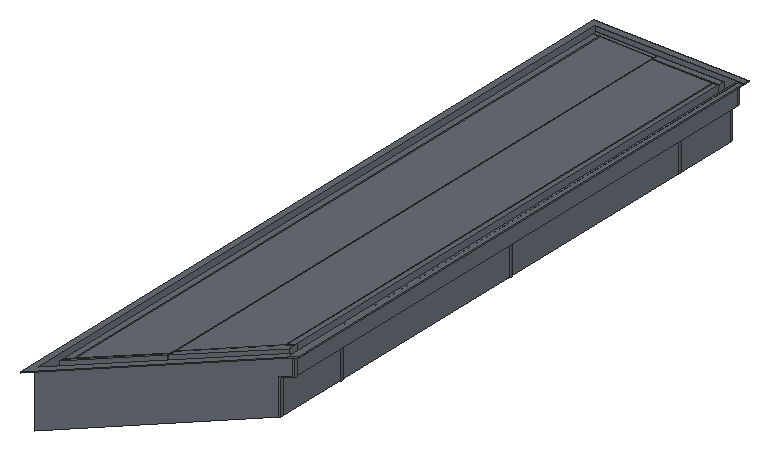
Revit family
Parameters (values of type "PL07 05 5/0")
  Width Side = 144 mm
  Width Inner Side Support = Actual Width 1 - 11 mm  # 133 mm
  Width Inner Side = Actual Width 1 - Frame Offset  # 120 mm
  Width Inner Main = Actual Width - Frame Offset + 37 mm  # 144 mm
  Width = 131 mm
  URL = "http://www.meinertz.com/pictures_org/prodk.pdf"
  Total Width = Actual Width + Actual Width 1  # 275 mm
  Total Length = Length + Total Width  # 1275 mm
  Thermal Performance Index = 5
  Thermal Performance Constant = if(Thermal Performance Index = 3, 145, if(Thermal Performance Index = 4, 191, if(Thermal Performance Index = 5, 231, if(Thermal Performance Index = 6, 262, if(Thermal Performance Index = 7, 287, if(Thermal Performance Index = 8, 317, if(Thermal Performance Index = 9, 339, if(Thermal Performance Index = 10, 359, if(Thermal Performance Index = 11, 382, if(Thermal Performance Index = 12, 404, if(Thermal Performance Index = 13, 424, 444)))))))))))  # 231
  Thermal Performance = Thermal Performance Constant * Total Length / 1000 mm  # 294.525
  Tapping Radius = 9.5 mm / 2  # 4.75 mm
  Side Support Distance = (Length - 2 * Frame Offset - 200 mm) / (Count Side Support - 1)  # 376 mm
  Side Grill Length = Actual Length - (2 * Frame Offset) - 22 mm  # 930 mm
  Model = "PL07 05 5/0"
  Manufacturer = "Meinertz"  # constant formula
  Main Hatch Width = Actual Width - 24 mm  # 107 mm
  Length = 1000 mm
  Keynote = "PL07 05 5/0"
  Grill = RAL 7025 F
  GoGetNo = 7019  # constant formula
  Frame Offset = 24 mm  # constant formula
  Frame = RAL 7024
  Count Side Support = (Actual Length - (2 * Frame Offset) - 200 mm) / 600 mm + 1.49  # 3
  Count Grill Side = ((Width Side - Frame Offset) / 24 mm)  # 5
  Count Grill Main = (Width - Frame Offset - 11 mm) / 24 mm + 1  # 5
  Count Convec Support = (Actual Length - (2 * Frame Offset) - 300 mm) / 2500 mm + 1.49  # 2
  Convection Grill Length = Actual Length - (2 * Frame Offset) - 11 mm  # 941 mm
  Actual Width 1 = (Count Grill Side * 24 mm) + Frame Offset  # 144 mm
  Actual Width = (Count Grill Main - 1) * 24 mm + Frame Offset + 11 mm  # 131 mm
  Actual Length = if(Length < 4 * Frame Offset, 4 * Frame Offset, if(Length > 6000 mm, 6000 mm, Length))  # 1000 mm
Types (6, lengths in mm): name | Width Side | Width Inner Side Support | Width Inner Side | Width Inner Main | Width | Total Width | Total Length | Thermal Performance Index | Thermal Performance Constant | Thermal Performance | Side Support Distance | Side Grill Length | Model | Main Hatch Width | Length | Keynote | Count Side Support | Count Grill Side | Count Grill Main | Convection Grill Length | Actual Width 1 | Actual Width | Actual Length
  (no name) | 144 | 133 | 120 | 144 | 131 | 275 | 1275 | 5 | 231 | 294.525 | 376 | 930 | "PL07 05 5/0" | 107 | 1000 | "PL07 05 5/0" | 3 | 5 | 5 | 941 | 144 | 131 | 1000
  PL07 03 5/0 | 144 | 133 | 120 | 96 | 83 | 227 | 827 | 3 | 145 | 119.915 | 352 | 530 | "PL07 03 5/0" | 59 | 600 | "PL07 03 5/0" | 2 | 5 | 3 | 541 | 144 | 83 | 600
  PL07 04 5/0 | 144 | 133 | 120 | 120 | 107 | 251 | 1251 | 4 | 191 | 238.941 | 376 | 930 | "PL07 04 5/0" | 83 | 1000 | "PL07 04 5/0" | 3 | 5 | 4 | 941 | 144 | 107 | 1000
  PL07 05 5/0 | 144 | 133 | 120 | 144 | 131 | 275 | 1275 | 5 | 231 | 294.525 | 376 | 930 | "PL07 05 5/0" | 107 | 1000 | "PL07 05 5/0" | 3 | 5 | 5 | 941 | 144 | 131 | 1000
  PL07 06 6/0 | 168 | 157 | 144 | 168 | 155 | 323 | 1323 | 6 | 262 | 346.626 | 376 | 930 | "PL07 06 6/0" | 131 | 1000 | "PL07 06 6/0" | 3 | 6 | 6 | 941 | 168 | 155 | 1000
  PL07 07 7/0 | 192 | 181 | 168 | 192 | 179 | 371 | 1371 | 7 | 287 | 393.477 | 376 | 930 | "PL07 07 7/0" | 155 | 1000 | "PL07 07 7/0" | 3 | 7 | 7 | 941 | 192 | 179 | 1000
Reference planes
  plane 1 "Center (Front/Back)": y = 0
  plane 2: z = 0
  plane 3 "Center (Left/Right)": x = 0
  plane 4: x = -65.5
  plane 5: x = 65.5
  plane 6: x = 209.5
  plane 7: x = 185.5
  plane 8: x = -41.5
  plane 9: x = 174.5
  plane 10: x = -30.5
  plane 11: y = 500
  plane 12: y = -500
  plane 13: y = -775
  plane 14: y = -709
  plane 15: y = -602
  plane 16: y = -594
  plane 17: y = -489
  plane 18: y = -476
  plane 19: y = -465
  plane 20: y = -376
  plane 21: y = -326
  plane 22: y = 489
  plane 23: y = 476
  plane 24: y = 470.5
  plane 25: y = 465
  plane 26: y = 376
  plane 27: y = 326
  plane 28: z = -100
  plane 29: z = -55
  plane 30: z = -20
  plane 31: z = -70
  plane 32: x = 35.5
  plane 33: x = -11.5
  plane 34: y = 226
  plane 35: y = 126
  plane 36: y = -366.778
  plane 37: y = -466.778
  plane 38: y = -716.778
  plane 39: y = -609.778
  plane 40: y = -352
  plane 41: y = -252
  plane 42: y = -524
  plane 43: x = -54.5
Forms (mm)
  Extrusion 1, solid, material "RAL 7025 F" <- "Grill"
    sketch origin (0, 0, 0) x (1, 0, 0) y (0, 1, 0)
      loop
        line (65.5, 465) -> (65.5, -594.222) -> (174.5, -485.222) -> (174.5, 465) -> (65.5, 465)
    from 0 to -20
  Extrusion 2, solid, material "RAL 7025 F" <- "Grill"
    sketch origin (0, 0, 0) x (1, 0, 0) y (0, 1, 0)
      loop
        line (-30.5, 470.5) -> (-30.5, -698) -> (65.5, -602) -> (65.5, 470.5) -> (-30.5, 470.5)
    from 0 to -70
  Extrusion 3, solid, material "RAL 7024" <- "Frame"
    sketch origin (0, 0, 0) x (1, 0, 0) y (0, 1, 0)
      loop
        line (174.5, 465) -> (174.5, -485.222) -> (185.5, -474.222) -> (185.5, 465) -> (174.5, 465)
    from 0 to -20
  Extrusion 4, solid, material "RAL 7024" <- "Frame"
    sketch origin (0, 0, 0) x (1, 0, 0) y (0, 1, 0)
      loop
        line (-41.5, 470.5) -> (-41.5, -709) -> (-30.5, -698) -> (-30.5, 470.5) -> (-41.5, 470.5)
    from 0 to -70
  Extrusion 5, solid, material "RAL 7024" <- "Frame"
    sketch origin (0, 0, 0) x (1, 0, 0) y (0, 1, 0)
      loop
        line (65.5, 476) -> (65.5, 465) -> (185.5, 465) -> (185.5, 476) -> (65.5, 476)
    from 0 to -20
  Extrusion 6, solid, material "RAL 7024" <- "Frame"
    sketch origin (0, 0, 0) x (1, 0, 0) y (0, 1, 0)
      loop
        line (185.5, -474.222) -> (65.5, -594.222) -> (65.5, -609.778) -> (185.5, -489.778) -> (185.5, -474.222)
    from 0 to -20
  Extrusion 7, solid, material "RAL 7024" <- "Frame"
    sketch origin (0, 0, 0) x (1, 0, 0) y (0, 1, 0)
      loop
        line (-41.5, -716.778) -> (65.5, -609.778) -> (65.5, -602) -> (-41.5, -709) -> (-41.5, -716.778)
    from 0 to -70
  Extrusion 8, solid, material "RAL 7024"
    sketch origin (0, 0, 0) x (0, 1, 0) y (0, 0, 1)
      loop
        line (476, 0) -> (470.5, 0) -> (470.5, -20) -> (465, -20) -> (465, -70) -> (476, -70) -> (476, 0)
    from 65.5 to -41.5
  Extrusion 9, solid, material "Tap"
    sketch origin (-30.5, 470.5, 0) x (1, 0, 0) y (0, 0, -1)
      loop
        circle (66, 55) r 4.8
    from 5.5 to 10.5
  Extrusion 10, solid, material "Tap"
    sketch origin (-30.5, 470.5, 0) x (1, 0, 0) y (0, 0, -1)
      loop
        circle (19, 55) r 4.8
    from 5.5 to 10.5
  Extrusion 11, solid, material "Tap"
    sketch origin (0, 0, 0) x (0, 1, 0) y (0, 0, 1)
      loop
        circle (226, -55) r 4.8
      loop
        circle (126, -55) r 4.8
      loop
        circle (-366.778, -55) r 4.8
      loop
        circle (-466.778, -55) r 4.8
    from -41.5 to -46.5
  Extrusion 12, solid, material "Tap"
    sketch origin (-41.5, -716.778, 0) x (0.707107, 0.707107, 0) y (0, 0, 1)
      loop
        circle (42.406, -55) r 4.8
    from 0 to 5
  Extrusion 13, solid, material "Tap"
    sketch origin (-41.5, -716.778, 0) x (0.707107, 0.707107, 0) y (0, 0, 1)
      loop
        circle (108.779, -55) r 4.8
    from 0 to 5
  Extrusion 14, solid, material "Tap"
    sketch origin (0, 0, 0) x (0, 1, 0) y (0, 0, 1)
      loop
        circle (-352, -55) r 4.8
      loop
        circle (-252, -55) r 4.8
      loop
        circle (126, -55) r 4.8
      loop
        circle (226, -55) r 4.8
    from 65.5 to 70.5
  Extrusion 15, solid, material "RAL 7024" <- "Frame"
    sketch origin (0, 0, 0) x (1, 0, 0) y (0, 0, 1)
      loop
        line (209.5, 0) -> (198.5, 0) -> (198.5, -36) -> (184.5, -36) -> (184.5, -100) -> (186.5, -100) -> (186.5, -38) -> (200.5, -38) -> (200.5, -2) -> (209.5, -2) -> (209.5, 0)
    from 524 to -489
  Sweep 16, solid, material "RAL 7024" <- "Frame"
    path origin (0, 0, 0) x (1, 0, 0) y (0, 1, 0)
      loop
        line (209.5, 500) -> (-65.5, 500) -> (-65.5, -774.719) -> (209.5, -499.719)
    profile origin (72, 500, 0) x (0, -1, 0) y (0, 0, 1)
      loop
        line (0, 0) -> (0, -2) -> (9, -2) -> (9, -100) -> (11, -100) -> (11, 0) -> (0, 0)
  Extrusion 17, solid, material "RAL 7024" <- "Frame"
    sketch origin (0, 0, 0) x (1, 0, 0) y (0, 1, 0)
      loop
        line (-54.5, 489) -> (-54.5, -748.163) -> (184.5, -509.163) -> (184.5, 489) -> (-54.5, 489)
    from -100 to -98
  Sweep 18, void
    path origin (0, 0, 0) x (1, 0, 0) y (0, 1, 0)
      loop
        line (-65.5, -774.719) -> (209.5, -499.719) -> (209.5, 500)
    profile origin (72, -637.219, 0) x (-0.707107, 0.707107, 0) y (0, 0, 1)
      loop
        line (9, -2) -> (0, -2) -> (0, -100) -> (9, -100) -> (9, -2)
  Extrusion 19, void
    sketch origin (0, 0, 0) x (1, 0, 0) y (0, 0, 1)
      loop
        line (209.5, -2) -> (200.5, -2) -> (200.5, -38) -> (186.5, -38) -> (186.5, -100) -> (209.5, -100) -> (209.5, -2)
    from -500 to 524
  Extrusion 20, void
    sketch origin (0, 0, 0) x (1, 0, 0) y (0, 1, 0)
      loop
        line (209.5, -499.719) -> (185.219, -524) -> (209.5, -524) -> (209.5, -499.719)
    from 0 to -100
Cuts and joins
  Sweep 18 cuts Extrusion 1
  Sweep 18 cuts Extrusion 2
  Sweep 18 cuts Extrusion 3
  Sweep 18 cuts Extrusion 4
  Sweep 18 cuts Extrusion 5
  Sweep 18 cuts Extrusion 6
  Sweep 18 cuts Extrusion 7
  Sweep 18 cuts Extrusion 8
  Sweep 18 cuts Extrusion 9
  Sweep 18 cuts Extrusion 10
  Sweep 18 cuts Extrusion 11
  Sweep 18 cuts Extrusion 12
  Sweep 18 cuts Extrusion 13
  Sweep 18 cuts Extrusion 14
  Sweep 18, Extrusion 19, Extrusion 20 cuts Extrusion 15
  Sweep 18, Extrusion 19, Extrusion 20 cuts Sweep 16
  Sweep 18 cuts Extrusion 17
Lines and regions (mm)
  Masking region 1
    outline origin (0, 0, 0) x (1, 0, 0) y (0, 1, 0)
      loop
        line (65.5, 465) -> (65.5, -594.222) -> (174.5, -485.222) -> (174.5, 465) -> (65.5, 465)
  Masking region 2
    outline origin (0, 0, 0) x (1, 0, 0) y (0, 1, 0)
      loop
        line (-30.5, 470.5) -> (-30.5, -698) -> (65.5, -602) -> (65.5, 470.5) -> (-30.5, 470.5)
  reference lines
    curve 1: line (-98.069, -765.569, 0) -> (218.632, -448.868, 0)
    curve 2: line (-101.958, -761.679, 0) -> (214.743, -444.979, 0)
    curve 3: line (-94.179, -769.458, 0) -> (222.521, -452.757, 0)
    curve 4: line (-77.209, -786.428, 0) -> (239.492, -469.728, 0)
Dimensions and locks
  equal spacing: plane 4, plane 3 "Center (Left/Right)", plane 5
  "Actual Width": plane 4 to plane 5
  "Actual Width 1": plane 5 to plane 6
  "Frame Offset": plane 7 to plane 6
  "Frame Offset": plane 4 to plane 8
  locked: plane 9 to plane 7 at 11
  locked: plane 8 to plane 10 at 11
  equal spacing: plane 12, plane 1 "Center (Front/Back)", plane 11
  "Length": plane 12 to plane 11
  "Total Width": plane 13 to plane 12
  locked: plane 13 to plane 14 at 66
  "Main Hatch Width": plane 14 to plane 15
  locked: plane 15 to plane 16 at 8
  locked: plane 12 to plane 17 at 11
  "Frame Offset": plane 12 to plane 18
  locked: plane 18 to plane 19 at 11
  locked: plane 18 to plane 20 at 100
  locked: plane 20 to plane 21 at 50
  locked: plane 22 to plane 11 at 11
  "Frame Offset": plane 23 to plane 11
  plane 25 to plane 24 to plane 23 = 5.5 mm locked, 5.5 mm locked
  locked: plane 26 to plane 23 at 100
  locked: plane 27 to plane 26 at 50
  locked: plane 2 to plane 28 at 100
  locked: plane 29 to plane 28 at 45
  equal spacing: group 1, group 2, group 5  (x2)
  equal spacing: group 5, group 2, group 1
  "Side Support Distance": nested 1 to nested 2
  group 3 to group 4 = 0 mm  (x2)
  group 4 to group 3 = 791 mm
  locked: plane 32 to plane 5 at 30
  locked: plane 33 to plane 8 at 30
  locked: plane 23 to plane 34 at 250
  locked: plane 34 to plane 35 at 100
  locked: plane 14 to plane 38 at 7.778
  locked: plane 37 to plane 38 at 250
  locked: plane 36 to plane 37 at 100
  locked: Extrusion 11 to plane 8 at 5
  locked: plane 39 to plane 15 at 7.778
  locked: plane 15 to plane 40 at 250
  locked: plane 40 to plane 41 at 100
  locked: plane 5 to Extrusion 14 at 5
  Extrusion 15 sketch curve to Extrusion 15 sketch curve to Extrusion 15 sketch curve to Extrusion 15 sketch curve to Extrusion 15 sketch curve = 2 mm locked, 34 mm locked, 2 mm locked, 62 mm locked
  Extrusion 15 sketch curve to Extrusion 15 sketch curve to Extrusion 15 sketch curve to Extrusion 15 sketch curve to Extrusion 15 sketch curve = 9 mm locked, 2 mm locked, 12 mm locked, 2 mm locked
  locked: plane 42 to plane 12 at 24
  locked: plane 4 to plane 43 at 11
  Sweep 16 sketch curve to Sweep 16 sketch curve to Extrusion 15 = 9 mm locked, 2 mm locked
  plane 2 to cut or joined group of Extrusion 15, Sweep 18, Extrusion 19, Extrusion 20 to cut or joined group of Extrusion 15, Sweep 18, Extrusion 19, Extrusion 20 to Extrusion 19 sketch curve = 2 mm locked, 36 mm locked, 62 mm locked
  cut or joined group of Extrusion 15, Sweep 18, Extrusion 19, Extrusion 20 to cut or joined group of Extrusion 15, Sweep 18, Extrusion 19, Extrusion 20 to Extrusion 19 sketch curve = 14 mm locked, 9 mm locked
  aligned and locked: level to plane 2
  aligned and locked: plane 25 to Extrusion 1 sketch curve
  aligned and locked: plane 9 to Extrusion 1 sketch curve
  aligned and locked: Extrusion 1 sketch curve to plane 5
  aligned and locked: Extrusion 1 sketch curve to curve 2
  aligned and locked: plane 24 to Extrusion 2 sketch curve
  aligned and locked: Extrusion 2 sketch curve to plane 10
  aligned and locked: plane 5 to Extrusion 2 sketch curve
  aligned and locked: Extrusion 2 sketch curve to curve 1
  aligned and locked: Extrusion 3 sketch curve to plane 9
  aligned and locked: plane 7 to Extrusion 3 sketch curve
  aligned and locked: plane 25 to Extrusion 3 sketch curve
  aligned and locked: Extrusion 3 sketch curve to curve 2
  aligned and locked: plane 24 to Extrusion 4 sketch curve
  aligned and locked: Extrusion 4 sketch curve to plane 8
  aligned and locked: plane 10 to Extrusion 4 sketch curve
  aligned and locked: Extrusion 4 sketch curve to curve 1
  aligned and locked: plane 23 to Extrusion 5 sketch curve
  aligned and locked: plane 7 to Extrusion 5 sketch curve
  aligned and locked: Extrusion 5 sketch curve to plane 25
  aligned and locked: Extrusion 5 sketch curve to plane 5
  aligned and locked: curve 2 to Extrusion 6 sketch curve
  aligned and locked: plane 7 to Extrusion 6 sketch curve
  aligned and locked: Extrusion 6 sketch curve to curve 3
  aligned and locked: Extrusion 6 sketch curve to plane 5
  aligned and locked: Extrusion 7 sketch curve to plane 5
  aligned and locked: curve 3 to Extrusion 7 sketch curve
  aligned and locked: Extrusion 7 sketch curve to plane 8
  aligned and locked: Extrusion 7 sketch curve to curve 1
  aligned and locked: plane 23 to Extrusion 8 sketch curve
  aligned and locked: Extrusion 8 sketch curve to plane 24
  aligned and locked: Extrusion 8 sketch curve to plane 25
  aligned and locked: Extrusion 8 sketch curve to plane 2
  aligned and locked: Extrusion 8 to plane 5
  aligned and locked: plane 8 to Extrusion 8
  aligned and locked: nested 1 to plane 26
  aligned and locked: plane 5 to nested 1
  aligned and locked: plane 30 to nested 1
  aligned and locked: plane 5 to nested 2
  aligned and locked: plane 30 to nested 2
  aligned and locked: plane 27 to nested 3
  aligned and locked: nested 3 to plane 10
  aligned and locked: nested 3 to plane 31
  aligned and locked: nested 4 to plane 10
  aligned and locked: plane 19 to nested 4
  aligned and locked: nested 4 to plane 31
  aligned and locked: Extrusion 10 to plane 23
  aligned and locked: Extrusion 9 to plane 23
  aligned and locked: Extrusion 11 to plane 8
  aligned and locked: curve 3 to Extrusion 13
  aligned and locked: curve 3 to Extrusion 12
  aligned and locked: Extrusion 14 to plane 5
  aligned and locked: Extrusion 15 to plane 22
  aligned and locked: plane 42 to Extrusion 15
  aligned and locked: Sweep 16 sketch curve to plane 11
  aligned and locked: Sweep 16 sketch curve to plane 4
  aligned and locked: curve 4 to Sweep 16 sketch curve
  aligned and locked: plane 28 to Sweep 16 sketch curve
  aligned and locked: plane 22 to Extrusion 17 sketch curve
  aligned and locked: plane 43 to Extrusion 17 sketch curve
  aligned and locked: Extrusion 17 sketch curve to Extrusion 15
  aligned and locked: Sweep 16 to Extrusion 17 sketch curve
  aligned and locked: Sweep 18 sketch curve to plane 6
  aligned and locked: curve 4 to Sweep 18 sketch curve
  aligned and locked: Sweep 18 sketch curve to profile plane
  aligned and locked: Extrusion 19 to plane 11
  aligned and locked: Extrusion 15 to Extrusion 19
  aligned and locked: Extrusion 20 sketch curve to plane 42
  aligned and locked: plane 6 to Extrusion 20 sketch curve
  aligned and locked: curve 4 to Extrusion 20 sketch curve
  aligned and locked: Masking region 1 sketch curve to plane 5
  aligned and locked: plane 25 to Masking region 1 sketch curve
  aligned and locked: plane 9 to Masking region 1 sketch curve
  aligned and locked: Masking region 1 sketch curve to curve 2
  aligned and locked: plane 24 to Masking region 2 sketch curve
  aligned and locked: plane 5 to Masking region 2 sketch curve
  aligned and locked: Masking region 2 sketch curve to curve 1
  aligned and locked: nested 5 to plane 5
  aligned and locked: nested 5 to plane 16
  aligned and locked: nested 5 to plane 25
  aligned and locked: nested 6 to plane 24
  aligned and locked: nested 6 to plane 14
  aligned and locked: nested 6 to plane 5
  aligned and locked: Masking region 2 sketch curve to plane 10
Automatic sketch dimensions
  curve 2 to plane 13 = 13.321 mm
  curve 2 to plane 4 = 36.458 mm
  curve 1 to plane 13 = 9.431 mm
  curve 2 to curve 1 = 3.889 mm  (x2)
  curve 3 to plane 13 = 5.542 mm
  curve 1 to curve 3 = 3.889 mm  (x2)
  curve 4 to plane 4 = 11.709 mm
  curve 2 to plane 6 = 5.243 mm
  plane 19 to curve 4 = 4.728 mm
  curve 3 to curve 4 = 16.971 mm
  plane 13 to curve 4 = 11.428 mm
  curve 3 to plane 19 = 12.243 mm
  curve 3 to curve 1 = 3.889 mm
  curve 1 to curve 2 = 3.889 mm
  Extrusion 8 sketch curve to level = 20 mm
  Extrusion 8 sketch curve to plane 29 = 15 mm
  Extrusion 9 sketch curve to Extrusion 2 = 30 mm
  Extrusion 2 to Extrusion 9 sketch curve = 15 mm
  Extrusion 10 sketch curve to Extrusion 2 = 19 mm
  Extrusion 2 to Extrusion 10 sketch curve = 15 mm
  Extrusion 11 sketch curve to plane 29 = 0 mm  (x4)
  Extrusion 11 sketch curve to plane 37 = 0 mm
  Extrusion 11 sketch curve to plane 36 = 0 mm
  Extrusion 11 sketch curve to plane 35 = 0 mm
  Extrusion 11 sketch curve to plane 34 = 0 mm
  Extrusion 7 to Extrusion 12 sketch curve = 15 mm
  Extrusion 7 to Extrusion 12 sketch curve = 42.406 mm
  Extrusion 7 to Extrusion 13 sketch curve = 15 mm
  Extrusion 7 to Extrusion 13 sketch curve = 42.542 mm
  Extrusion 14 sketch curve to plane 29 = 0 mm  (x4)
  Extrusion 14 sketch curve to plane 40 = 0 mm
  Extrusion 14 sketch curve to plane 41 = 0 mm
  Extrusion 14 sketch curve to plane 35 = 0 mm
  Extrusion 14 sketch curve to plane 34 = 0 mm
  Extrusion 15 sketch curve to plane 28 = 0 mm
  plane 6 to Extrusion 15 sketch curve = 0 mm
  Sweep 16 sketch curve to plane 6 = 0 mm  (x2)
  Sweep 16 sketch curve to level = 0 mm
  Sweep 16 sketch curve to Sweep 16 sketch curve = 2 mm  (x2)
  Sweep 18 sketch curve to plane 4 = 0 mm
  plane 11 to Sweep 18 sketch curve = 0 mm
  Sweep 18 sketch curve to Sweep 18 sketch curve = 9 mm
  Sweep 18 sketch curve to level = 100 mm
  Sweep 18 sketch curve to level = 2 mm
  Extrusion 19 sketch curve to level = 2 mm
  Extrusion 19 sketch curve to Extrusion 19 sketch curve = 9 mm
  Extrusion 19 sketch curve to plane 7 = 1 mm
  plane 29 to Extrusion 19 sketch curve = 17 mm
  radius of Extrusion 9 sketch curve = 4.8 mm
  radius of Extrusion 10 sketch curve = 4.8 mm
  radius of Extrusion 11 sketch curve = 4.8 mm  (x4)
  radius of Extrusion 12 sketch curve = 4.8 mm
  radius of Extrusion 13 sketch curve = 4.8 mm
  radius of Extrusion 14 sketch curve = 4.8 mm  (x4)
Nested families
  nested 1: "Support" at (118.079, 382.469, -36) x (0, 1, 0) z (0, 0, 1), type "Side Support"
    with Length 133 mm
  nested 2: "Support" at (118.079, 6.469, -36) x (0, 1, 0) z (0, 0, 1), type "Side Support"
    with Length 133 mm
  nested 3: "Support" at (43.421, 319.531, -72) x (0, -1, 0) z (0, 0, 1), type "Convec Support"
  nested 4: "Support" at (43.421, -471.469, -72) x (0, -1, 0) z (0, 0, 1), type "Convec Support"
  nested 5: "Grill 45" at (-21.701, -474, 0), type "Side"
    with Start 11 mm, Second 13 mm, Length 1059 mm, Big no
  nested 6: "Grill 45" at (-135.201, -602, 0), type "Main"
    with Start 11 mm, Second 13 mm, Length 1179.5 mm, Big no, Width 107 mm
  nested 7: "Support" at (118.079, -369.531, -36) x (0, 1, 0) z (0, 0, 1), type "Side Support"
    with Length 133 mm
Connectors
  piping at (-7.979, -690.328, -55), driven by "Tapping Radius"
    settings: on cut or joined group of Extrusion 12, Sweep 18, index 1, connector radius 4.75 mm, flow factor 0, pipe flow 0.0 L/s, pressure drop 0.00 Pa, fitting loss kfactor 0, connector angle 0.00°, fixture units 0, flow configuration 1, flow direction 1, fitting loss method 0, system type 22, connector reference index -1, connector utility 0, adjustable connector no, is connector primary yes, fitting loss table "", connector description ""
  piping at (38.954, -643.396, -55), driven by "Tapping Radius"
    settings: on cut or joined group of Extrusion 13, Sweep 18, index 2, connector radius 4.75 mm, flow factor 0, pipe flow 0.0 L/s, pressure drop 0.00 Pa, fitting loss kfactor 0, connector angle 0.00°, fixture units 0, flow configuration 1, flow direction 2, fitting loss method 0, system type 22, connector reference index -1, connector utility 0, adjustable connector no, is connector primary no, fitting loss table "", connector description ""
  piping at (70.5, -352, -55), driven by "Tapping Radius"
    settings: on cut or joined group of Extrusion 14, Sweep 18, index 3, connector radius 4.75 mm, flow factor 0, pipe flow 0.0 L/s, pressure drop 0.00 Pa, fitting loss kfactor 0, connector angle 0.00°, fixture units 0, flow configuration 1, flow direction 1, fitting loss method 0, system type 22, connector reference index -1, connector utility 0, adjustable connector no, is connector primary no, fitting loss table "", connector description ""
  piping at (70.5, -252, -55), driven by "Tapping Radius"
    settings: on cut or joined group of Extrusion 14, Sweep 18, index 4, connector radius 4.75 mm, flow factor 0, pipe flow 0.0 L/s, pressure drop 0.00 Pa, fitting loss kfactor 0, connector angle 0.00°, fixture units 0, flow configuration 1, flow direction 2, fitting loss method 0, system type 22, connector reference index -1, connector utility 0, adjustable connector no, is connector primary no, fitting loss table "", connector description ""
  piping at (70.5, 126, -55), driven by "Tapping Radius"
    settings: on cut or joined group of Extrusion 14, Sweep 18, index 5, connector radius 4.75 mm, flow factor 0, pipe flow 0.0 L/s, pressure drop 0.00 Pa, fitting loss kfactor 0, connector angle 0.00°, fixture units 0, flow configuration 1, flow direction 1, fitting loss method 0, system type 22, connector reference index -1, connector utility 0, adjustable connector no, is connector primary no, fitting loss table "", connector description ""
  piping at (70.5, 226, -55), driven by "Tapping Radius"
    settings: on cut or joined group of Extrusion 14, Sweep 18, index 6, connector radius 4.75 mm, flow factor 0, pipe flow 0.0 L/s, pressure drop 0.00 Pa, fitting loss kfactor 0, connector angle 0.00°, fixture units 0, flow configuration 1, flow direction 2, fitting loss method 0, system type 22, connector reference index -1, connector utility 0, adjustable connector no, is connector primary no, fitting loss table "", connector description ""
  piping at (-46.5, 226, -55), driven by "Tapping Radius"
    settings: on cut or joined group of Extrusion 11, Sweep 18, index 7, connector radius 4.75 mm, flow factor 0, pipe flow 0.0 L/s, pressure drop 0.00 Pa, fitting loss kfactor 0, connector angle 0.00°, fixture units 0, flow configuration 1, flow direction 1, fitting loss method 0, system type 22, connector reference index -1, connector utility 0, adjustable connector no, is connector primary no, fitting loss table "", connector description ""
  piping at (-46.5, 126, -55), driven by "Tapping Radius"
    settings: on cut or joined group of Extrusion 11, Sweep 18, index 8, connector radius 4.75 mm, flow factor 0, pipe flow 0.0 L/s, pressure drop 0.00 Pa, fitting loss kfactor 0, connector angle 0.00°, fixture units 0, flow configuration 1, flow direction 2, fitting loss method 0, system type 22, connector reference index -1, connector utility 0, adjustable connector no, is connector primary no, fitting loss table "", connector description ""
  piping at (-46.5, -366.778, -55), driven by "Tapping Radius"
    settings: on cut or joined group of Extrusion 11, Sweep 18, index 9, connector radius 4.75 mm, flow factor 0, pipe flow 0.0 L/s, pressure drop 0.00 Pa, fitting loss kfactor 0, connector angle 0.00°, fixture units 0, flow configuration 1, flow direction 1, fitting loss method 0, system type 22, connector reference index -1, connector utility 0, adjustable connector no, is connector primary no, fitting loss table "", connector description ""
  piping at (-46.5, -466.778, -55), driven by "Tapping Radius"
    settings: on cut or joined group of Extrusion 11, Sweep 18, index 10, connector radius 4.75 mm, flow factor 0, pipe flow 0.0 L/s, pressure drop 0.00 Pa, fitting loss kfactor 0, connector angle 0.00°, fixture units 0, flow configuration 1, flow direction 2, fitting loss method 0, system type 22, connector reference index -1, connector utility 0, adjustable connector no, is connector primary no, fitting loss table "", connector description ""
  piping at (35.5, 481, -55), driven by "Tapping Radius"
    settings: on cut or joined group of Extrusion 9, Sweep 18, index 11, connector radius 4.75 mm, flow factor 0, pipe flow 0.0 L/s, pressure drop 0.00 Pa, fitting loss kfactor 0, connector angle 0.00°, fixture units 0, flow configuration 1, flow direction 1, fitting loss method 0, system type 22, connector reference index -1, connector utility 0, adjustable connector no, is connector primary no, fitting loss table "", connector description ""
  piping at (-11.5, 481, -55), driven by "Tapping Radius"
    settings: on cut or joined group of Extrusion 10, Sweep 18, index 12, connector radius 4.75 mm, flow factor 0, pipe flow 0.0 L/s, pressure drop 0.00 Pa, fitting loss kfactor 0, connector angle 0.00°, fixture units 0, flow configuration 1, flow direction 2, fitting loss method 0, system type 22, connector reference index -1, connector utility 0, adjustable connector no, is connector primary no, fitting loss table "", connector description ""
Definition of nested family "Support"
  Parameters (values of type "Side Support")
    offset top = 17.5 mm
    Width = 16 mm
    Side 2 = yes
    Side 1 = no
    Length = 120 mm
    Height = 16 mm
    Frame = RAL 7024
    Footing rad = 6.5 mm
    Footing Height = 64 mm
    Assembly Code = ""
  Types (4, lengths in mm): name | Width | Side 2 | Side 1 | Length | Height | Footing Height
    Side Support | 16 | yes | no | 120 | 16 | 64
    Convec Support | 20 | yes | yes | 120 | 2 | 28
    Side Right Support | 16 | yes | no | 120 | 16 | 64
    Side Left Support | 16 | no | yes | 72 | 16 | 64
  Reference planes
    plane 1 "Center (Front/Back)": y = -13.921
    plane 2: z = 0
    plane 3 "Center (Left/Right)": x = -6.469
    plane 4: z = 16
    plane 5: x = 1.531
    plane 6: x = -14.469
    plane 7: y = 46.079
    plane 8: y = -73.921
    plane 9: y = 28.579
    plane 10: y = -56.421
    plane 11: z = -64
  Forms (mm)
    Extrusion 1, solid, material "RAL 7024" <- "Frame"
      sketch origin (0, -13.921, 0) x (1, 0, 0) y (0, 0, 1)
        loop
          line (-14.469, 16) -> (-14.469, 0) -> (1.531, 0) -> (1.531, 16) -> (-14.469, 16)
      from -60 to 60
    Extrusion 2, solid, material "RAL 7024" <- "Frame", visible <- "Side 1"
      sketch origin (0, 0, 0) x (1, 0, 0) y (0, 1, 0)
        loop
          circle (-6.469, 28.579) r 6.5
      from -64 to 0
    Extrusion 3, solid, material "RAL 7024" <- "Frame", visible <- "Side 2"
      sketch origin (0, 0, 0) x (1, 0, 0) y (0, 1, 0)
        loop
          circle (-6.469, -56.421) r 6.5
      from -64 to 0
  Dimensions and locks
    equal spacing: plane 6, plane 3 "Center (Left/Right)", plane 5
    equal spacing: plane 7, plane 1 "Center (Front/Back)", plane 8
    "Length": plane 7 to plane 8
    "Width": plane 6 to plane 5
    "Height": plane 4 to plane 2
    "offset top": plane 7 to plane 9
    "offset top": plane 10 to plane 8
    "Footing Height": plane 2 to plane 11
    "Footing rad": Extrusion 2 sketch curve to plane 3 "Center (Left/Right)"
    "Footing rad": plane 9 to Extrusion 2 sketch curve
    locked: plane 10 to Extrusion 3 sketch curve at 6.5
    locked: plane 3 "Center (Left/Right)" to Extrusion 3 sketch curve at 6.5
    "Footing rad": radius of Extrusion 2 sketch curve
    "Footing rad": radius of Extrusion 3 sketch curve
    aligned and locked: plane 6 to Extrusion 1 sketch curve
    aligned and locked: Extrusion 1 sketch curve to plane 4
    aligned and locked: level to Extrusion 1 sketch curve
    aligned and locked: Extrusion 1 sketch curve to plane 5
    aligned and locked: plane 7 to Extrusion 1
    aligned and locked: Extrusion 1 to plane 8
    aligned and locked: Extrusion 2 to plane 11
    aligned and locked: plane 2 to Extrusion 2
    aligned and locked: Extrusion 3 to plane 11
    aligned and locked: level to Extrusion 3
Definition of nested family "Grill 45"
  Parameters (values of type "Right")
    Width = 150 mm
    Start [instance] = if(Big, 13 mm, 11 mm)  # 11 mm
    Second [instance] = if(Big, 11 mm, 13 mm)  # 13 mm
    Length [instance] = 500 mm
    Big [instance] = no
    Assembly Code = ""
  Types (5, lengths in mm): name | Width | Length
    Right | 150 | 500
    Main | 83 | 500
    Left | 72 | 500
    Side | 120 | 900
    Grill 45 | 500 | 900
  Reference planes
    plane 1 "Center (Front/Back)": y = 0
    plane 2: z = 0
    plane 3 "Center (Left/Right)": x = 147.201
    plane 4: x = 222.201
    plane 5: x = 72.201
    plane 6: y = -150
    plane 7: y = 350
  Lines and regions (mm)
    Filled region 1, type "Base", in view "Ref. Level"
      outline origin (0, 0, 0) x (1, 0, 0) y (0, 1, 0)
        loop
          line (72.201, 350) -> (72.201, -150) -> (222.201, 0) -> (222.201, 350) -> (72.201, 350)
    Filled region 2, type "Top", in view "Ref. Level"
      outline origin (98.995, 98.995, 0) x (1, 0, 0) y (0, 1, 0)
        loop
          line (-26.794, 251.005) -> (-26.794, -248.995) -> (123.206, -98.995) -> (123.206, 251.005) -> (-26.794, 251.005)
  Dimensions and locks
    equal spacing: plane 5, plane 3 "Center (Left/Right)", plane 4
    "Width": plane 6 to plane 1 "Center (Front/Back)"
    "Width": plane 5 to plane 4
    "Length": plane 7 to plane 6
    "Start": plane 5 to Filled region 2
    "Second": Filled region 2 to Filled region 1
    aligned and locked: Filled region 1 to Filled region 2
    aligned and locked: Filled region 2 to plane 5
    aligned and locked: plane 7 to Filled region 2
    aligned and locked: plane 4 to Filled region 2
    aligned and locked: plane 5 to Filled region 1
  Automatic sketch dimensions
    Filled region 1 sketch curve to plane 5 = 0 mm
    Filled region 1 sketch curve to plane 1 "Center (Front/Back)" = 0 mm
    Filled region 1 sketch curve to plane 4 = 0 mm
    Filled region 1 sketch curve to plane 6 = 0 mm
    Filled region 1 sketch curve to plane 7 = 0 mm
    plane 5 to Filled region 2 sketch curve = 0 mm
    plane 4 to Filled region 2 sketch curve = 0 mm
    plane 6 to Filled region 2 sketch curve = 0 mm
    Filled region 2 sketch curve to plane 1 "Center (Front/Back)" = 0 mm
    plane 7 to Filled region 2 sketch curve = 0 mm
